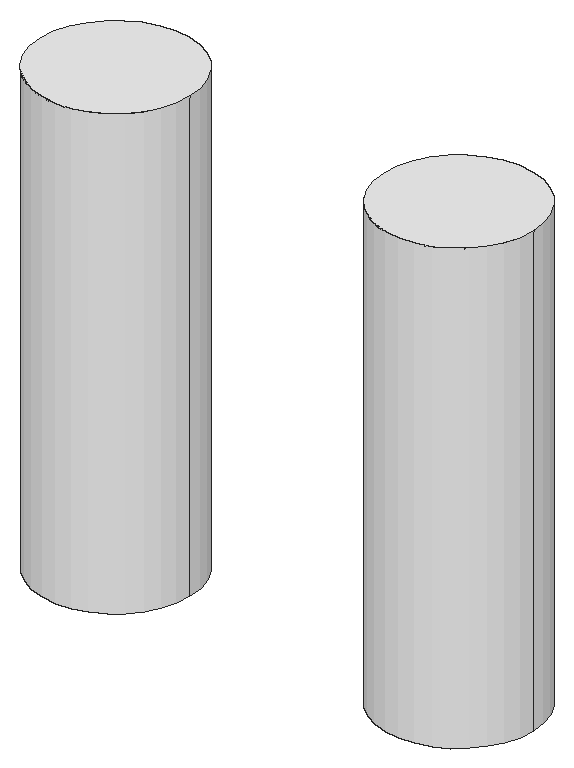
Revit family "52211167(2023)", category Plumbing Fixtures, Revit 2020
Family settings
  Round Connector Dimension = Use Diameter
  Part Type = Normal
  OmniClass Number = 23.45.55.00
  OmniClass Title = Sanitary Faucets, Wastes
  Work Plane-Based = No
  Always vertical = Yes
  Cut with Voids When Loaded = No
  Shared = No
  Room Calculation Point = No
Parameters (values of type "52211167 HANSAVANTIS")
  Working Pressure = "50 - 1000 kPa"
  WarrantyStartDate [instance] = "n/a"
  WarrantyGuarantorParts = "n/a"
  WarrantyGuarantorLabor = "n/a"
  WarrantyDurationUnit = "Year"
  WarrantyDurationParts = "n/a"
  WarrantyDurationLabor = "n/a"
  WarrantyDescription = "http://warranty.hansa.com"
  Warranty Information URL = "http://warranty.hansa.com"
  VersionDate = "16/01/2024"
  Version = "1"
  ValvePattern = "n/a"
  ValveOperation = "n/a"
  ValveMechanism = "n/a"
  Uniclass2015Reference = "Pr_40_20_87_96"
  Uniclass2015Description = "Washbasin manual water supply sets"
  Uniclass2 = "Pr_40_30_96_96"
  URL REACH = "http://static.hansa.com/doc/reach"
  URL Materials Declaration = "http://www.hansa.com/fileadmin/resources/188722_52211167_materialsdeclaration.pdf"
  URL EcoLabel Declaration = "http://static.hansa.com/doc/EcoLabel"
  URL EU Packaging Declaration = "http://static.hansa.com/doc/packaging"
  URL Declaration of SCIP = "http://static.hansa.com/doc/SCIP"
  URL Declaration of Conformity = "http://static.hansa.com/DoC/52211167"
  URL Declaration of Asbestos = "http://static.hansa.com/doc/asbestos"
  URL Declaration Of Performance (DOP) = "http://static.hansa.com/doc/DoP"
  URL = ""
  UNSPSC Class Number = "30181700 Faucets or taps"
  TestPressure = "n/a"
  Temperature Adjustments = "Limitation option for maximum temperature and flow-rate "
  Technical DataSheet URL = "http://www.hansa.com/datasheet/52211167/en"
  TagNumber [instance] = "n/a"
  SustainabilityPerformance = "n/a"
  Surface treatment = "Chrome"
  Spout Type = "Swivel spout"
  Spout Swivel Range = "120°"
  Spout Projection = "247 mm"
  Spare-Part Information URL = "http://static.hansa.com/sp/52211167"
  Size = "54x261.5x338 mm"
  Shape = "Sculptured"
  SerialNumber [instance] = "n/a"
  Sales Package dimensions (LxWxH) = "508 x 249 x 96"
  Revision = "n/a"
  ReplacementCost = "n/a"
  ProductInformation = "Kitchen faucet with high spout"
  Product URL = "http://static.hansa.com/52211167"
  Product Image URL = "http://static.hansa.com/image/52211167"
  Product Family = "null Single-lever, side operated;Low pressure"
  Product Code = "52211167"
  OperatingMechanismMaterial = "n/a"
  NominalWidth = 46.5 mm
  NominalHeight = 361 mm
  NominalDepth = 247 mm
  Noise Class = "I (ISO 3822)"
  Name_en = "52211167 HANSAVANTIS"
  Name = "52211167 HANSAVANTIS"
  NBSReference = "45-35-70/371"
  NBSDescription = "Water supply fittings for wash basins and troughs"
  ModelReference = "52211167"
  ModelNumber = "n/a"
  Model = "52211167 HANSAVANTIS"
  Mobile Product Information URL = "http://mpi.hansa.com/52211167"
  Mechanical Parts = "30Cartridge"
  Max. Hot Water Supply = 70 °C
  Material = "Brass"
  Market = "International;Germany;Austria;Belgium;Netherlands;Czech Republic;Slovakia;Italy"
  ManufacturerURL = "http://www.hansa.com"
  ManufacturerName = "HANSA"
  Manufacturer = "HANSA"
  Lever Handle = "Single operating lever/handle;Pin shape;Hot/Cold symbols"
  Interactive AR View URL = "https://static.hansa.com/AR/52211167"
  InstallationDate [instance] = "n/a"
  Installation and Maintenance Guide URL = "http://static.hansa.com/manual/52211167"
  Installation Type = "Deck mounted"
  InletConnectionSize = 10 mm
  IfcExportType = "FAUCET"  # constant formula
  IfcExportAs = "IfcValveType"  # constant formula
  Group = "Sales item"
  Grade = "n/a"
  FlowCoefficient = 0
  Finish = "Polished"
  Features = "Kitchen faucet"
  FaucetMainMaterial = Chrome
  FDV Document URL = "http://www.hansa.com/datasheet/52211167/en/fdv"
  ExpectedLife = "n/a"
  ETIM Class Number = "EC011431 Kitchen mixing tap"
  EAN Number = "4057304019845"
  DurationUnit = "Year"
  Dimension Drawing URL = "http://static.hansa.com/dimdrw/52211167"
  Description = ""
  DefaultElevation [instance] = 900 mm
  Default Elevation = 0 mm
  Constituents = "n/a"
  Connection Size = "G3/8"
  Connection = "Flexible inlet pipes"
  Color = "Chrome"
  CodePerformance = "n/a"
  CloseOffRating = 0
  Catalog Drawing URL = "http://static.hansa.com/catdrw/52211167"
  Brand = "HANSA"
  BodyMaterial = "Brass"
  Barcode [instance] = "n/a"
  BIMObjectName = "52211167(2023)"
  Author = "BIMStone"
  AssetType = "Fixed"
  AssetIdentifier [instance] = "n/a"
  Aerator = "Standard aerator;Laminar stream"
  Advanced Features = "Inner body made of DZR brass"
  AccessibilityPerformance = "n/a"
  3D View = "https://static.hansa.com/AR/52211167"
  2D/3D/BIM Files URL = "http://static.hansa.com/bim/52211167"
Reference planes
  plane 1 "Center (Front/Back)": y = 0
  plane 2: z = 0
  plane 3 "Center (Left/Right)": x = 0
  plane 4: x = -23.25
  plane 5: z = 900
  plane 6: z = 870
  plane 7: x = 23.25
  plane 8: y = -247
  plane 9: z = 1261
  plane 10: x = 73.906
Forms (mm)
  Extrusion 1, solid, material "Chrome" <- "FaucetMainMaterial"
    sketch origin (0, 47.989, 0) x (1, 0, 0) y (0, 1, 0)
      loop
        circle (-11.5, -71.208) r 5
      loop
        circle (11.5, -71.208) r 5
    from 870 to 900
Dimensions and locks
  "DefaultElevation": plane 5 to level
  locked: plane 5 to plane 6 at 30
  equal spacing: plane 4, plane 3 "Center (Left/Right)", plane 7
  "NominalWidth": plane 4 to plane 7
  "NominalDepth": plane 8 to plane 1 "Center (Front/Back)"
  "NominalHeight": plane 9 to plane 5
  plane 4 to plane 10 = 97.156 mm
  "InletConnectionSize": diameter of Extrusion 1 sketch curve  (x2)
  aligned and locked: level to plane 2
  aligned and locked: plane 5 to Extrusion 1
  aligned and locked: Extrusion 1 to plane 6
  aligned and locked: nested 2 to plane 5
Automatic sketch dimensions
  plane 3 "Center (Left/Right)" to Extrusion 1 sketch curve = 11.5 mm
  Extrusion 1 sketch curve to plane 3 "Center (Left/Right)" = 11.5 mm
  plane 1 "Center (Front/Back)" to Extrusion 1 sketch curve = 23.219 mm  (x2)
Nested families
  nested 1: "Symbol" at (0, 0, 0), type "Symbol", detail levels coarse
  nested 2: "52211167(2023)_p" at (0, 0, 900), Body <- "FaucetMainMaterial", type "52211167(2023)_p"
    with Body Chrome
Connectors
  piping at (-11.5, -23.219, 870), diameter 10, driven by "InletConnectionSize"
    settings: on Extrusion 1, index 1, connector inside diameter 609.6 mm, connector length 0 mm, flow factor 0, pipe flow 0.0 L/s, pressure drop 0.0 Pa, fitting loss kfactor 0, connector angle 0.00°, fixture units 0, engagement length 0 mm, angle of deflection 0.00°, flow configuration 1, flow direction 1, fitting loss method 0, system type 19, joint type 0, gender type 0, connector reference index -1, connector utility 0, adjustable connector no, is connector primary yes, connector description ""
  piping at (11.5, -23.219, 870), diameter 10, driven by "InletConnectionSize"
    settings: on Extrusion 1, index 2, connector inside diameter 609.6 mm, connector length 0 mm, flow factor 0, pipe flow 0.0 L/s, pressure drop 0.0 Pa, fitting loss kfactor 0, connector angle 0.00°, fixture units 0, engagement length 0 mm, angle of deflection 0.00°, flow configuration 1, flow direction 1, fitting loss method 0, system type 20, joint type 0, gender type 0, connector reference index -1, connector utility 0, adjustable connector no, is connector primary no, connector description ""
Definition of nested family "Symbol"
  Reference planes
    plane 1: y = 0
    plane 2: x = 0
  Lines and regions (mm)
    detail lines
      curve 1: line (0, 0, 0) -> (0, -1.8, 0)
      curve 2: line (-0.4, -1.1, 0) -> (0.4, -1.1, 0)
      curve 3: line (-0.4, -1.4, 0) -> (0.4, -1.4, 0)
      curve 4: line (0.863, 0, 0) -> (-0.863, 0, 0)
      curve 5: circle (-1.163, 0, 0) r 0.3 normal (0, 0, -1)
      curve 6: circle (1.163, 0, 0) r 0.3 normal (0, 0, 1)
Definition of nested family "52211167(2023)_p"
  Parameters
    Default Elevation = 0 mm
    Body [instance] = none
  Reference planes
    plane 1 "Center (Front/Back)": y = 0
    plane 2: z = 0
    plane 3 "Center (Left/Right)": x = 0
    plane 4: y = -246.993
    plane 5: z = 361
    plane 6: x = -23.227
    plane 7: x = 23.227
    plane 8: x = 73.906
  Forms (mm)
    Revolve 1, solid, material <- "Body", detail levels medium
      sketch origin (0, -23.231, 0) x (1, 0, 0) y (0, 0, 1)
        loop
          line (0, 0) -> (0, 119.955) -> (-11.41, 119.955) -> (-11.41, 116.651)
          arc (-11.41, 116.651) -> (-14.514, 109.159) -> (-22.006, 106.055) r 10.596
          line (-22.006, 106.055) -> (-23.227, 106.055) -> (-23.227, 0) -> (0, 0)
        axis (0, 119.955) -> (0, 0)
      angle from 0 to 360
    Sweep 2, solid, material <- "Body", detail levels medium
      path origin (0, 0, 0) x (0, 1, 0) y (0, 0, 1)
        loop
          line (-23.231, 119.955) -> (-23.231, 244.483)
          arc (-23.231, 244.483) -> (-109.998, 347.888) -> (-226.898, 280.395) r 105
          line (-226.898, 280.395) -> (-237.859, 250.28)
      profile origin (0, -23.231, 182.219) x (0, -1, 0) y (1, 0, 0)
        loop
          circle (0, 0) r 11.41
    Extrusion 3, solid, material <- "Body", detail levels medium
      sketch origin (0, 0, 0) x (0, 1, 0) y (0, 0, 1)
        loop
          circle (-23.35, 63.254) r 21
      from 0 to 73.906
    Revolve 4, solid, material <- "Body", detail levels medium
      sketch origin (68.39, 0, 0) x (0, 1, 0) y (0, 0, 1)
        loop
          line (-63.264, 132.518) -> (-30.764, 76.226) -> (-26.236, 78.84) -> (-57.737, 133.4)
          arc (-57.737, 133.4) -> (-58.951, 134.332) -> (-60.467, 134.132) r 1.999
          line (-60.467, 134.132) -> (-63.264, 132.518)
        axis (-63.264, 132.518) -> (-30.764, 76.226)
      angle from 0 to 360
    Extrusion 5, solid, material <- "Body", detail levels coarse
      sketch origin (0, 0, 0) x (1, 0, 0) y (0, 1, 0)
        loop
          line (-23.227, 0) -> (-23.227, -246.993) -> (73.906, -246.993) -> (73.906, 0) -> (-23.227, 0)
      from 0 to 361
  Cuts and joins
    joined: Revolve 1, Sweep 2, Extrusion 3, Revolve 4
  Lines and regions (mm)
    symbolic lines, detail levels medium+fine
      curve 1: line (0, 0, 0) -> (0, -46.438, 0)
      curve 2: line (0, -46.438, 0) -> (0, -46.438, 92.61)
      curve 7: line (0, -46.438, 92.61) -> (0, -66.819, 128.206)
      curve 8: line (0, -60.47, 134.13) -> (0, -66.019, 130.953)
      curve 9: arc (0, -66.019, 130.953) -> (0, -66.974, 129.741) -> (0, -66.819, 128.206) r 2.06
      curve 10: arc (0, -57.729, 133.385) -> (0, -58.945, 134.326) -> (0, -60.47, 134.13) r 2.009
      curve 11: line (0, -57.729, 133.385) -> (0, -42.195, 106.777)
      curve 12: arc (0, -42.195, 106.777) -> (0, -36.46, 111.019) -> (0, -34.607, 117.907) r 10.828
      curve 13: line (0, -34.607, 117.907) -> (0, -34.607, 245.499)
      curve 14: arc (0, -34.607, 245.499) -> (0, -110.959, 336.837) -> (0, -214.388, 277.891) r 92.809
      curve 15: line (0, -214.388, 277.891) -> (0, -225.47, 246.853)
      curve 16: arc (0, -225.47, 246.853) -> (0, -225.996, 246.272) -> (0, -226.778, 246.233) r 1.024
      curve 17: line (0, -226.778, 246.233) -> (0, -246.312, 253.343)
      curve 18: arc (0, -246.312, 253.343) -> (0, -246.887, 253.869) -> (0, -246.921, 254.648) r 1.019
      curve 19: line (0, -246.921, 254.648) -> (0, -235.871, 285.005)
      curve 20: arc (0, -235.871, 285.005) -> (0, -193.563, 340.129) -> (0, -127.283, 361) r 115.497
      curve 21: arc (0, -127.283, 361) -> (0, -45.574, 327.108) -> (0, -11.762, 245.365) r 115.578
      curve 22: line (0, -11.762, 245.365) -> (0, -11.762, 117.837)
      curve 23: arc (0, -11.762, 117.837) -> (0, -8.708, 109.894) -> (0, -1.119, 106.045) r 11.854
      curve 24: arc (0, -1.119, 106.045) -> (0, -0.346, 105.669) -> (0, 0, 104.883) r 1.249
      curve 25: line (0, 0, 104.883) -> (0, 0, 0)
      curve 28: line (0, 0, 0) -> (-23.245, 0, 0)
      curve 29: line (-23.245, 0, 0) -> (-23.245, 0, 105)
      curve 30: arc (-23.245, 0, 105) -> (-22.868, 0, 105.809) -> (-22.006, 0, 106.041) r 1.057
      curve 31: line (-11.411, 0, 349.693) -> (-11.411, 0, 117.757)
      curve 32: arc (-11.411, 0, 117.757) -> (-14.453, 0, 109.859) -> (-22.006, 0, 106.041) r 11.775
      curve 33: arc (0, 0, 361) -> (-8.063, 0, 357.725) -> (-11.411, 0, 349.693) r 11.307
      curve 35: line (0, 0, 0) -> (23.245, 0, 0)
      curve 36: line (23.245, 0, 0) -> (23.245, 0, 37.27)
      curve 37: arc (23.245, 0, 105) -> (22.868, 0, 105.809) -> (22.006, 0, 106.041) r 1.057
      curve 38: line (11.411, 0, 349.693) -> (11.411, 0, 117.757)
      curve 39: arc (11.411, 0, 117.757) -> (14.453, 0, 109.859) -> (22.006, 0, 106.041) r 11.775
      curve 40: arc (0, 0, 361) -> (8.063, 0, 357.725) -> (11.411, 0, 349.693) r 11.307
      curve 43: line (41.194, 0, 42.257) -> (28.8, 0, 42.257)
      curve 44: arc (28.8, 0, 42.257) -> (25.068, 0, 40.828) -> (23.245, 0, 37.27) r 5.587
      curve 45: line (41.194, 0, 42.257) -> (41.194, 0, 43.405)
      curve 46: line (41.194, 0, 84.253) -> (28.37, 0, 84.253)
      curve 47: arc (28.37, 0, 84.253) -> (24.706, 0, 85.795) -> (23.245, 0, 89.491) r 5.126
      curve 48: line (23.245, 0, 89.491) -> (23.245, 0, 105)
      curve 52: line (41.194, 0, 43.405) -> (43.515, 0, 44.07)
      curve 53: arc (43.515, 0, 44.07) -> (45.054, 0, 44.627) -> (46.503, 0, 45.385) r 12.11
      curve 55: line (72.352, 0, 42.287) -> (49.555, 0, 42.287)
      curve 56: arc (49.555, 0, 42.287) -> (48.783, 0, 42.471) -> (48.179, 0, 42.984) r 1.706
      curve 57: arc (48.179, 0, 42.984) -> (47.327, 0, 44.175) -> (46.503, 0, 45.385) r 63.042
      curve 58: arc (73.906, 0, 43.927) -> (73.482, 0, 42.773) -> (72.352, 0, 42.287) r 1.556
      curve 59: line (73.906, 0, 43.927) -> (73.906, 0, 130.607)
      curve 60: arc (73.906, 0, 130.607) -> (73.209, 0, 132.734) -> (71.387, 0, 134.034) r 3.591
      curve 61: arc (71.387, 0, 134.034) -> (68.253, 0, 134.423) -> (65.183, 0, 133.687) r 8.849
      curve 62: arc (65.183, 0, 133.687) -> (63.79, 0, 132.426) -> (63.431, 0, 130.582) r 2.975
      curve 63: line (63.431, 0, 130.582) -> (62.93, 0, 86.747)
      curve 64: line (43.166, 0, 84.274) -> (61.286, 0, 84.274)
      curve 65: arc (62.93, 0, 86.747) -> (62.871, 0, 85.987) -> (62.715, 0, 85.241) r 5.846
      curve 66: arc (62.715, 0, 85.241) -> (62.178, 0, 84.496) -> (61.286, 0, 84.274) r 1.334
      curve 67: line (43.166, 0, 84.274) -> (43.166, 0, 82.482)
      curve 70: line (43.166, 0, 82.482) -> (41.194, 0, 83.048)
      curve 71: line (41.194, 0, 83.048) -> (41.194, 0, 84.253)
      curve 73: line (-11.579, -43.321, 0) -> (-11.579, -236.414, 0)
      curve 74: arc (-11.579, -236.414, 0) -> (-8.121, -244.256, 0) -> (0, -246.993, 0) r 10.623
      curve 78: arc (11.579, -236.414, 0) -> (8.121, -244.256, 0) -> (0, -246.993, 0) r 10.623
      curve 82: line (41.2, -44.229, 0) -> (15.824, -44.229, 0)
      curve 83: arc (15.824, -44.229, 0) -> (13.697, -44.295, 0) -> (11.579, -44.492, 0) r 34.418
      curve 84: line (11.579, -44.492, 0) -> (11.579, -236.414, 0)
      curve 85: line (41.2, -43.07, 0) -> (41.2, -44.229, 0)
      curve 86: line (43.192, -42.498, 0) -> (41.2, -43.07, 0)
      curve 87: line (43.192, -42.498, 0) -> (43.192, -43.803, 0)
      curve 88: arc (43.192, -43.803, 0) -> (43.316, -44.104, 0) -> (43.618, -44.229, 0) r 0.426
      curve 89: line (43.618, -44.229, 0) -> (63.077, -44.229, 0)
      curve 90: line (63.077, -44.229, 0) -> (63.393, -62.33, 0)
      curve 91: arc (63.393, -62.33, 0) -> (64.453, -65.249, 0) -> (67.082, -66.902, 0) r 4.781
      curve 92: arc (67.082, -66.902, 0) -> (71.491, -66.098, 0) -> (73.906, -62.323, 0) r 5.613
      curve 93: line (73.906, -62.323, 0) -> (73.906, -3.625, 0)
      curve 94: arc (73.906, -3.625, 0) -> (73.506, -2.657, 0) -> (72.538, -2.256, 0) r 1.368
      curve 95: line (72.538, -2.256, 0) -> (46.729, -2.256, 0)
      curve 96: arc (46.729, -2.256, 0) -> (46.155, -2.356, 0) -> (45.647, -2.642, 0) r 1.71
      curve 97: arc (45.647, -2.642, 0) -> (44.77, -3.418, 0) -> (43.956, -4.26, 0) r 14.938
      curve 98: line (41.2, -3.441, 0) -> (42.717, -3.82, 0)
      curve 99: arc (42.717, -3.82, 0) -> (43.348, -4.01, 0) -> (43.956, -4.26, 0) r 6.786
      curve 100: line (41.2, -3.441, 0) -> (41.2, -2.539, 0)
      curve 101: arc (41.2, -2.539, 0) -> (41.113, -2.328, 0) -> (40.902, -2.241, 0) r 0.298
      curve 102: line (40.902, -2.241, 0) -> (15.902, -2.241, 0)
      curve 103: arc (15.902, -2.241, 0) -> (11.89, -2.018, 0) -> (7.927, -1.353, 0) r 36.267
      curve 110: arc (7.927, -1.353, 0) -> (-21.063, -13.396, 0) -> (-11.579, -43.321, 0) r 23.227
    symbolic lines, detail levels fine
      curve 3: line (0, -46.438, 92.61) -> (0, -46.438, 104.971)
      curve 4: arc (0, -46.438, 104.971) -> (0, -46.18, 105.688) -> (0, -45.523, 106.075) r 1.124
      curve 5: line (0, -45.523, 106.075) -> (0, -43.394, 106.478)
      curve 6: arc (0, -43.394, 106.478) -> (0, -42.79, 106.611) -> (0, -42.195, 106.777) r 10.828
      curve 26: line (0, -1.119, 106.045) -> (0, -45.683, 106.045)
      curve 27: line (0, -219.929, 262.372) -> (0, -241.281, 270.143)
      curve 34: line (-22.006, 0, 106.041) -> (0, 0, 106.041)
      curve 41: line (22.006, 0, 106.041) -> (0, 0, 106.041)
      curve 42: spline (11.411, 0, 250.226) -> (11.023, 0, 251.349) -> (9.883, 0, 252.396) -> (8.069, 0, 253.295) -> (5.706, 0, 253.985) -> (2.953, 0, 254.419) -> (0, 0, 254.567) -> (-2.953, 0, 254.419) -> (-5.706, 0, 253.985) -> (-8.069, 0, 253.295) -> (-9.883, 0, 252.396) -> (-11.023, 0, 251.349) -> (-11.411, 0, 250.226) -> (-11.023, 0, 249.102) -> (-9.883, 0, 248.055) -> (-8.069, 0, 247.156) -> (-5.706, 0, 246.466) -> (-2.953, 0, 246.032) -> (0, 0, 245.884) -> (2.953, 0, 246.032) -> (5.706, 0, 246.466) -> (8.069, 0, 247.156) -> (9.883, 0, 248.055) -> (11.023, 0, 249.102) -> (11.411, 0, 250.226)
      curve 49: line (24.706, 0, 85.795) -> (12.95, 0, 69.614)
      curve 50: arc (12.95, 0, 69.614) -> (10.922, 0, 62.833) -> (13.577, 0, 56.272) r 10.684
      curve 51: line (13.577, 0, 56.272) -> (25.373, 0, 41.083)
      curve 54: line (41.194, 0, 43.405) -> (41.194, 0, 83.048)
      curve 68: arc (43.166, 0, 54.274) -> (43.314, 0, 52.828) -> (43.752, 0, 51.442) r 7.131
      curve 69: arc (43.752, 0, 51.442) -> (45.101, 0, 48.401) -> (46.503, 0, 45.385) r 186.065
      curve 72: line (43.166, 0, 82.482) -> (43.166, 0, 54.274)
      curve 75: line (-11.579, -43.321, 0) -> (-11.579, -23.321, 0)
      curve 76: arc (-11.579, -23.321, 0) -> (-8.185, -15.148, 0) -> (0, -11.782, 0) r 11.539
      curve 77: line (11.579, -43.321, 0) -> (11.579, -44.492, 0)
      curve 79: line (11.579, -43.321, 0) -> (11.579, -23.321, 0)
      curve 80: arc (11.579, -23.321, 0) -> (8.185, -15.148, 0) -> (0, -11.782, 0) r 11.539
      curve 81: arc (11.579, -43.321, 0) -> (23.14, -21.172, 0) -> (7.927, -1.353, 0) r 23.227
      curve 104: line (41.2, -3.441, 0) -> (41.2, -43.07, 0)
      curve 105: line (63.077, -44.229, 0) -> (62.942, -36.462, 0)
      curve 106: arc (62.942, -36.462, 0) -> (63.837, -33.659, 0) -> (66.251, -31.977, 0) r 4.586
      curve 107: arc (66.251, -31.977, 0) -> (70.938, -32.488, 0) -> (73.906, -36.151, 0) r 6.192
      curve 108: line (43.192, -42.498, 0) -> (43.192, -6.167, 0)
      curve 109: arc (43.192, -6.167, 0) -> (43.39, -5.139, 0) -> (43.956, -4.26, 0) r 2.759
  Dimensions and locks
    aligned and locked: level to plane 2
